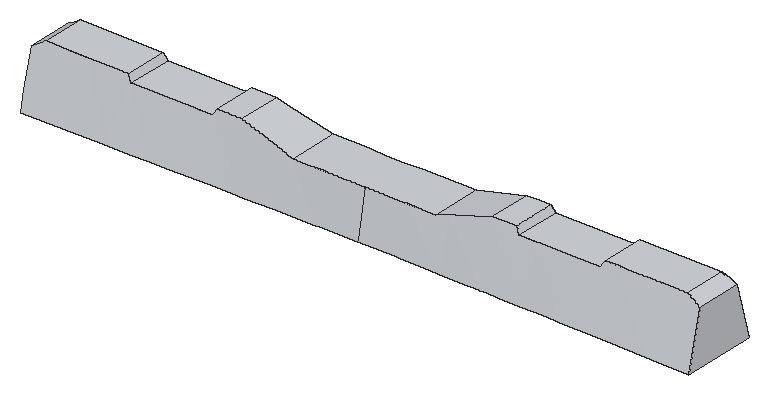
Revit family "轨枕", category 常规模型, Revit 2018
Family settings
  可将钢筋附着到主体 = 否
  圆形连接件大小 = 使用直径
  零件类型 = 标准
  基于工作平面 = 否
  总是垂直 = 是
  加载时剪切的空心 = 否
  共享 = 否
  房间计算点 = 否
Parameters
  材质 [instance] = none
Reference planes
  plane 1 "中心(前/后)": y = 0
  plane 2: z = 0
  plane 3 "中心(左/右)": x = 0
  plane 4: y = 140
  plane 5: y = -140
  plane 6: y = 125
  plane 7: y = -125
  plane 8: y = 80
  plane 9: y = -80
  plane 10: x = -758.5
  plane 11: x = 758.5
Forms (mm)
  Extrusion 1, solid, material <- "材质"
    sketch origin (0, 0, 0) x (1, 0, 0) y (0, 0, 1)
      loop
        line (-1250, 200) -> (-1250, 0) -> (1250, 0) -> (1250, 200) -> (1200, 230) -> (892, 230) -> (878, 205) -> (573, 205) -> (558, 230) -> (468, 227.5) -> (267, 170) -> (-267, 170) -> (-468, 227.5) -> (-558, 230) -> (-573, 205) -> (-878, 205) -> (-892, 230) -> (-1200, 230) -> (-1250, 200)
    from -140 to 140
  Blend 2, void
    base sketch origin (0, 0, 0) x (1, 0, 0) y (0, 1, 0)
      loop
        line (-1250, 140) -> (0, 125) -> (1250, 140) -> (1250, 360) -> (-1250, 360) -> (-1250, 140)
    top sketch origin (0, 0, 0) x (1, 0, 0) y (0, 1, 0)
      loop
        line (0, 80) -> (1250, 80) -> (1250, 360) -> (-1250, 360) -> (-1250, 80) -> (0, 80)
    from 0 to 230
  Blend 3, void
    base sketch origin (0, 0, 0) x (1, 0, 0) y (0, 1, 0)
      loop
        line (-1250, -140) -> (-1250, -360) -> (1250, -360) -> (1250, -140) -> (0, -125) -> (-1250, -140)
    top sketch origin (0, 0, 0) x (1, 0, 0) y (0, 1, 0)
      loop
        line (0, -80) -> (-1250, -80) -> (-1250, -360) -> (1250, -360) -> (1250, -80) -> (0, -80)
    from 0 to 230
Cuts and joins
  Blend 2, Blend 3 cuts Extrusion 1
Dimensions and locks
  equal spacing: plane 4, plane 1 "中心(前/后)", plane 5
  plane 4 to plane 5 = 280 mm
  aligned and locked: level to plane 2
Automatic sketch dimensions
  Extrusion 1 sketch curve to level = 0 mm
  level to Extrusion 1 sketch curve = 200 mm
  Extrusion 1 sketch curve to plane 3 "中心(左/右)" = 1250 mm
  Extrusion 1 sketch curve to Extrusion 1 sketch curve = 50 mm  (x2)
  level to Extrusion 1 sketch curve = 230 mm  (x4)
  Extrusion 1 sketch curve to Extrusion 1 sketch curve = 308 mm  (x2)
  Extrusion 1 sketch curve to Extrusion 1 sketch curve = 14 mm  (x2)
  level to Extrusion 1 sketch curve = 205 mm  (x2)
  Extrusion 1 sketch curve to Extrusion 1 sketch curve = 305 mm  (x2)
  Extrusion 1 sketch curve to Extrusion 1 sketch curve = 15 mm  (x2)
  level to Extrusion 1 sketch curve = 227.5 mm  (x2)
  Extrusion 1 sketch curve to Extrusion 1 sketch curve = 90 mm  (x2)
  Extrusion 1 sketch curve to Extrusion 1 sketch curve = 201 mm  (x2)
  plane 3 "中心(左/右)" to Extrusion 1 sketch curve = 267 mm
  level to Extrusion 1 sketch curve = 170 mm
  Extrusion 1 sketch curve to Extrusion 1 sketch curve = 30 mm
  Blend 2 sketch curve to plane 3 "中心(左/右)" = 0 mm  (x2)
  Blend 2 sketch curve to plane 4 = 0 mm  (x2)
  Blend 2 sketch curve to plane 6 = 0 mm
  Blend 2 sketch curve to plane 3 "中心(左/右)" = 1250 mm  (x2)
  plane 4 to Blend 2 sketch curve = 220 mm  (x2)
  plane 3 "中心(左/右)" to Blend 2 sketch curve = 1250 mm  (x2)
  Blend 2 sketch curve to plane 8 = 0 mm
  Blend 3 sketch curve to plane 3 "中心(左/右)" = 0 mm  (x2)
  Blend 3 sketch curve to plane 5 = 0 mm  (x2)
  Blend 3 sketch curve to plane 7 = 0 mm
  plane 3 "中心(左/右)" to Blend 3 sketch curve = 1250 mm  (x2)
  plane 5 to Blend 3 sketch curve = 220 mm  (x2)
  Blend 3 sketch curve to plane 3 "中心(左/右)" = 1250 mm  (x2)
  Blend 3 sketch curve to plane 9 = 0 mm
